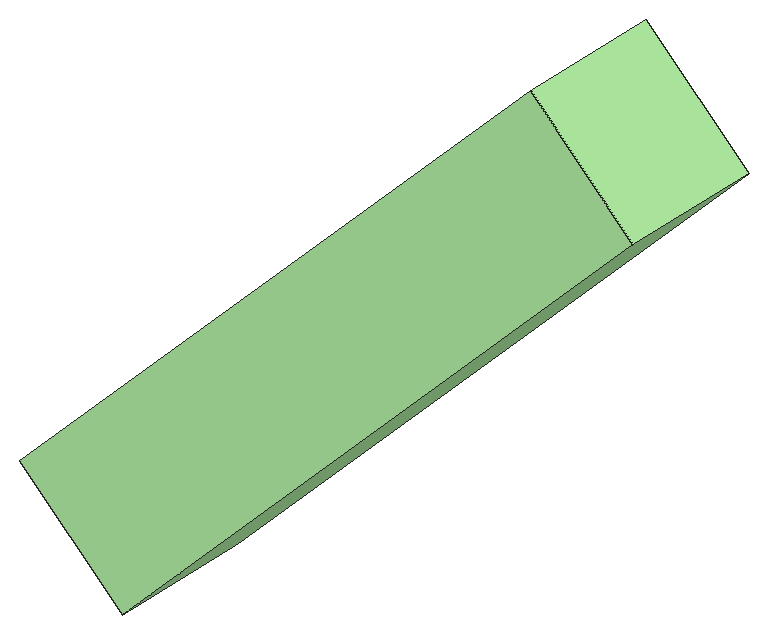
Revit family "ダクトサポート_角形鋼管(正方形) 1", category Generic Models, Revit 2020
Family settings
  Can host rebar = No
  Round Connector Dimension = Use Diameter
  Part Type = Normal
  Work Plane-Based = Yes
  Always vertical = No
  Cut with Voids When Loaded = No
  Shared = No
  Room Calculation Point = No
Parameters (values of type "100 x 100")
  高さ = 100 mm
  長辺 [instance] = 長さ  # 500 mm
  長さ [instance] = 500 mm
  部屋名 = ""
  角度 [instance] = 45.00°
  Default Elevation = 1219.2 mm
  構造マテリアル = E202_ダクトサポート
  幅 = 100 mm
Types (14, lengths in mm): name | 高さ | 幅
  100 x 100 | 100 | 100
  125 x 125 | 125 | 125
  150 x 150 | 150 | 150
  175 x 175 | 175 | 175
  200 x 200 | 200 | 200
  250 x 250 | 250 | 250
  300 x 300 | 300 | 300
  350 x 350 | 350 | 350
  40 x 40 | 40 | 40
  50 x 50 | 50 | 50
  60 x 60 | 60 | 60
  75 x 75 | 75 | 75
  80 x 80 | 80 | 80
  90 x 90 | 90 | 90
Reference planes
  plane 1 "中心(正面/背面)": y = 0
  plane 2: z = 0
  plane 3 "中心(左/右)": x = 0
Lines and regions (mm)
  reference lines
    curve 1: line (0, 0, 0) -> (806.102, 0, 806.102)
    curve 2: line (35.355, 0, -35.355) -> (-35.355, 0, 35.355)
    curve 3: line (388.909, 0, 318.198) -> (318.198, 0, 388.909)
Dimensions and locks
  equal spacing: curve 2, curve 1, curve 2
  "高さ": curve 2 to curve 2
  equal spacing: curve 3, curve 1, curve 3
  "高さ": curve 3 to curve 3
  "長さ": curve 2 to curve 3
  "角度": angle level to curve 1
  angle curve 2 to curve 1 = 90.00°
  angle curve 3 to curve 1 = 90.00°
  aligned and locked: level to plane 2
  aligned and locked: level to curve 1
  aligned and locked: plane 3 "中心(左/右)" to curve 1
  aligned and locked: curve 1 to nested 1
Nested families
  nested 1: "グレーチング_角形鋼管(正方形)" at (-35.355, 0, 35.355) x (0, 1, 0) z (0.7071, 0, -0.7071), 長さ <- "長さ", type "350 x 350"
    with 長辺 500 mm, 長さ 500 mm, 高さ 100 mm, 幅 100 mm
Definition of nested family "グレーチング_角形鋼管(正方形)"
  Parameters (values of type "350 x 350")
    高さ = 350 mm
    長辺 [instance] = 長さ  # 1000 mm
    長さ [instance] = 1000 mm
    部屋名 = ""
    Default Elevation = 1219.2 mm
    構造マテリアル = none
    幅 = 350 mm
  Reference planes
    plane 1 "中心(正面/背面)": y = 0
    plane 2: z = 0
    plane 3 "中心(左/右)": x = 0
    plane 4: z = 175
    plane 5: z = 350
  Forms (mm)
    Extrusion 1, solid, material <- "構造マテリアル"
      sketch origin (0, 0, 0) x (1, 0, 0) y (0, 1, 0)
        loop
          line (-175, 1000) -> (-175, 0) -> (175, 0) -> (175, 1000) -> (-175, 1000)
      from 0 to 350
  Lines and regions (mm)
    reference lines
      curve 1: line (175, 1000, 0) -> (-175, 1000, 0)
      curve 2: line (175, 0, 0) -> (-175, 0, 0)
  Dimensions and locks
    "長さ": curve 1 to curve 2
    "幅": Extrusion 1 to Extrusion 1
    equal spacing: Extrusion 1, plane 3 "中心(左/右)", Extrusion 1
    "幅": curve 1 to curve 1
    equal spacing: curve 1, plane 3 "中心(左/右)", curve 1
    "幅": curve 2 to curve 2
    equal spacing: curve 2, plane 3 "中心(左/右)", curve 2
    equal spacing: plane 5, plane 4, level
    "高さ": plane 5 to level
    aligned and locked: level to plane 2
    aligned and locked: Extrusion 1 to curve 2
    aligned and locked: curve 1 to Extrusion 1
    aligned and locked: plane 5 to Extrusion 1
  Automatic sketch dimensions
    Extrusion 1 sketch curve to plane 3 "中心(左/右)" = 175 mm
    plane 3 "中心(左/右)" to Extrusion 1 sketch curve = 175 mm
    plane 1 "中心(正面/背面)" to Extrusion 1 sketch curve = 0 mm
    Extrusion 1 sketch curve to plane 1 "中心(正面/背面)" = 1000 mm
    plane 1 "中心(正面/背面)" to curve 2 = 0 mm
